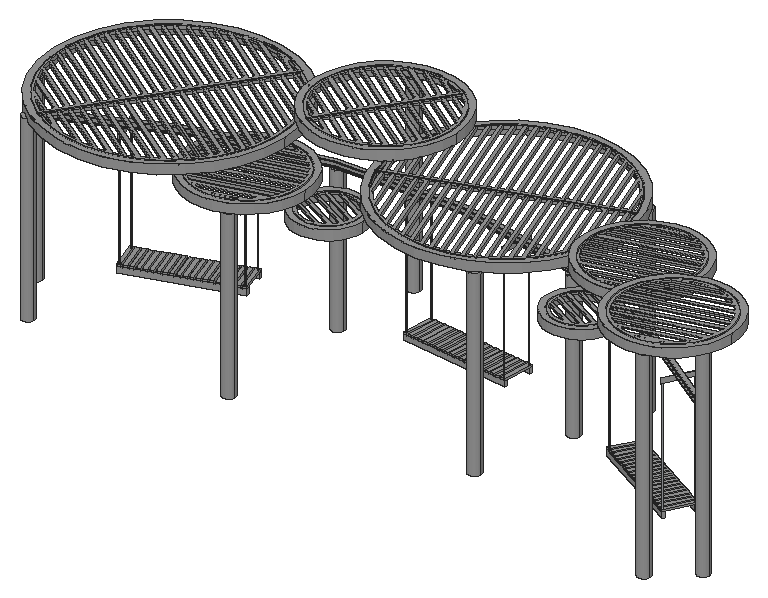
Revit family "39606 Качели «Оазис» Хоббика", category Антураж, Revit 2018
Family settings
  На основе рабочей плоскости = Нет
  Всегда вертикально = Да
  При загрузке вырезать с полостями = Нет
  Источник визуального образа = Геометрия семейства
  Общий = Нет
  Точка расчета площади = Нет
Parameters (values of type "Качели «Оазис»")
  Ширина = 4400 mm  # constant formula
  Цвет отделки = Дерево
  Цвет каркаса = Сталь
  Описание = "Качели «Оазис»"  # constant formula
  Материал изделия = "Сталь, деерво"  # constant formula
  Изображение типоразмера = Качели «Оазис» Арт 39606.jpg
  Изготовитель = "ООО «Хоббика»"  # constant formula
  Длина = 11800 mm  # constant formula
  Группа модели = "Парковые качели"  # constant formula
  Высота = 3400 mm  # constant formula
  Артикул товара = "Арт. 39606"  # constant formula
  URL = "https://hobbyka.ru/product/kacheli_oazis/"
Reference planes
  plane 1 "По центру (Вперед/Назад)": y = 0
  plane 2: z = 0
  plane 3 "По центру (Влево/Вправо)": x = 0
  plane 4: x = 11800
  plane 5: y = 4400
  plane 6: z = 3400
Forms (mm)
  Extrusion 1, solid, material "Сталь" <- "Цвет каркаса"
    sketch origin (0, 0, 0) x (1, 0, 0) y (0, 1, 0)
      loop
        circle (116.712, 1361.341) r 100
      loop
        circle (683.137, 489.123) r 100
    from 0 to 2956.243
  Extrusion 2, solid, material "Сталь" <- "Цвет каркаса"
    sketch origin (0, 0, 0) x (1, 0, 0) y (0, 1, 0)
      loop
        circle (1880, 1880) r 1880
      loop
        circle (1880, 1880) r 1780
    from 2956.243 to 3105.798
  Extrusion 3, solid, material "Сталь" <- "Цвет каркаса"
    sketch origin (0, 0, 0) x (1, 0, 0) y (0, 1, 0)
      loop
        circle (6839.419, 2540) r 1860
      loop
        circle (6839.419, 2540) r 1760
    from 2956.243 to 3105.798
  Extrusion 4, solid, material "Сталь" <- "Цвет каркаса"
    sketch origin (7015.464, 1619.648, 0) x (1, 0, 0) y (0, 1, 0)
      loop
        circle (1321.873, 1921.552) r 100
      loop
        circle (616.625, -712.744) r 100
    from 0 to 2956.243
  Extrusion 5, solid, material "Сталь" <- "Цвет каркаса"
    sketch origin (2648.261, 2155.873, 0) x (1, 0, 0) y (0, 1, 0)
      loop
        circle (1287.937, -1638.505) r 100
    from 0 to 2693.989
  Extrusion 6, solid, material "Сталь" <- "Цвет каркаса"
    sketch origin (10492.462, -553.021, 0) x (1, 0, 0) y (0, 1, 0)
      loop
        circle (1048.829, 1234.234) r 100
      loop
        circle (487.749, 726.367) r 100
    from 0 to 3259.417
  Sweep 7, solid, material "Сталь" <- "Цвет каркаса"
    path origin (0, 0, 0) x (1, 0, 0) y (0, 1, 0)
      loop
        arc (11541.29, 681.212) -> (5935.135, 2804.07) -> (116.712, 1361.341) r 10060.613
    profile origin (5935.135, 2804.07, 0) x (-0.059427, -0.998233, 0) y (0, 0, 1)
      loop
        line (35, 2360) -> (35, 2370) -> (5, 2370) -> (5, 2450) -> (35, 2450) -> (35, 2460) -> (-35, 2460) -> (-35, 2450) -> (-5, 2450) -> (-5, 2370) -> (-35, 2370) -> (-35, 2360) -> (35, 2360)
  Extrusion 8, solid, material "Сталь" <- "Цвет каркаса"
    sketch origin (0, 0, 0) x (1, 0, 0) y (0, 1, 0)
      loop
        circle (4414.191, 3108.015) r 1060
      loop
        circle (4414.191, 3108.015) r 1160
    from 3105.798 to 3259.417
  Extrusion 9, solid, material "Сталь" <- "Цвет каркаса"
    sketch origin (0, 0, 0) x (1, 0, 0) y (0, 1, 0)
      loop
        circle (4887.491, 1361.133) r 560
      loop
        circle (4887.491, 1361.133) r 460
    from 2537.41 to 2693.989
  Extrusion 10, solid, material "Сталь" <- "Цвет каркаса"
    sketch origin (0, 0, 0) x (1, 0, 0) y (0, 1, 0)
      loop
        circle (3583.524, 1325.489) r 950
      loop
        circle (3583.524, 1325.489) r 850
    from 2693.989 to 2841.87
  Extrusion 11, solid, material "Сталь" <- "Цвет каркаса"
    sketch origin (2648.261, 2155.873, 0) x (1, 0, 0) y (0, 1, 0)
      loop
        circle (1287.937, 581.495) r 100
    from 0 to 2360
  Extrusion 12, solid, material "Сталь" <- "Цвет каркаса"
    sketch origin (2648.261, 2155.873, 0) x (1, 0, 0) y (0, 1, 0)
      loop
        circle (1399.651, 1991.143) r 100
    from 0 to 3105.798
  Extrusion 13, solid, material "Сталь" <- "Цвет каркаса"
    sketch origin (6709.294, 1885.194, 0) x (1, 0, 0) y (0, 1, 0)
      loop
        circle (1287.937, 581.495) r 100
    from 0 to 2360
  Extrusion 14, solid, material "Сталь" <- "Цвет каркаса"
    sketch origin (0, 0, 0) x (1, 0, 0) y (0, 1, 0)
      loop
        circle (9415.016, 2094.513) r 940
      loop
        circle (9415.016, 2094.513) r 840
    from 3105.798 to 3259.417
  Extrusion 15, solid, material "Сталь" <- "Цвет каркаса"
    sketch origin (0, 0, 0) x (1, 0, 0) y (0, 1, 0)
      loop
        circle (10764.709, 1034.303) r 960
      loop
        circle (10764.709, 1034.303) r 860
    from 3259.417 to 3400
  Extrusion 16, solid, material "Сталь" <- "Цвет каркаса"
    sketch origin (0, 0, 0) x (1, 0, 0) y (0, 1, 0)
      loop
        circle (9476.216, 775.2) r 560
      loop
        circle (9476.216, 775.2) r 460
    from 2956.243 to 3105.798
  Extrusion 17, solid, material "Сталь" <- "Цвет каркаса"
    sketch origin (0, 0, 0) x (1, 0, 0) y (0, 1, 0)
      loop
        line (901.483, 393.089) -> (2858.517, 3366.911)
        arc (2858.517, 3366.911) -> (393.089, 2858.517) -> (901.483, 393.089) r 1780
      loop
        line (887.6, 462.946) -> (917.438, 508.286) -> (597.708, 718.696)
        arc (597.708, 718.696) -> (735.488, 582.698) -> (887.6, 462.946) r 1730
      loop
        arc (2788.866, 3352.027) -> (2618.707, 3444.357) -> (2439.298, 3517.097) r 1730
        line (2439.298, 3517.097) -> (2759.028, 3306.687) -> (2788.866, 3352.027)
      loop
        line (448.75, 2851.815) -> (1851.976, 1928.37) -> (1906.949, 2011.904) -> (507.349, 2932.962)
        arc (507.349, 2932.962) -> (477.463, 2892.812) -> (448.75, 2851.815) r 1730
      loop
        arc (421.264, 2810.047) -> (394.969, 2767.458) -> (369.917, 2724.127) r 1730
        line (369.917, 2724.127) -> (1769.517, 1803.069) -> (1824.49, 1886.603) -> (421.264, 2810.047)
      loop
        line (538.471, 2972.337) -> (1934.435, 2053.672) -> (1989.408, 2137.206) -> (604.406, 3048.657)
        arc (604.406, 3048.657) -> (570.882, 3010.978) -> (538.471, 2972.337) r 1730
      loop
        arc (346.066, 2679.967) -> (323.399, 2634.914) -> (302.055, 2589.219) r 1730
        line (302.055, 2589.219) -> (1687.057, 1677.767) -> (1742.03, 1761.301) -> (346.066, 2679.967)
      loop
        line (639.248, 3085.584) -> (2016.895, 2178.973) -> (2071.867, 2262.507) -> (712.777, 3156.907)
        arc (712.777, 3156.907) -> (675.484, 3121.79) -> (639.248, 3085.584) r 1730
      loop
        arc (281.924, 2542.611) -> (263.007, 2495.008) -> (245.508, 2446.865) r 1730
        line (245.508, 2446.865) -> (1604.598, 1552.465) -> (1659.571, 1636) -> (281.924, 2542.611)
      loop
        line (751.517, 3191.269) -> (2099.354, 2304.275) -> (2154.327, 2387.809) -> (833.108, 3257.286)
        arc (833.108, 3257.286) -> (791.811, 3224.896) -> (751.517, 3191.269) r 1730
      loop
        line (876.04, 3288.888) -> (2181.813, 2429.576) -> (2236.786, 2513.11) -> (966.432, 3349.113)
        arc (966.432, 3349.113) -> (920.764, 3319.71) -> (876.04, 3288.888) r 1730
      loop
        line (1014.016, 3377.655) -> (2264.272, 2554.878) -> (2319.245, 2638.412) -> (1114.341, 3431.343)
        arc (1114.341, 3431.343) -> (1063.737, 3405.324) -> (1014.016, 3377.655) r 1730
      loop
        line (1167.275, 3456.364) -> (2346.732, 2680.179) -> (2401.705, 2763.713) -> (1279.291, 3502.359)
        arc (1279.291, 3502.359) -> (1222.881, 3480.342) -> (1167.275, 3456.364) r 1730
      loop
        line (1338.683, 3523.13) -> (2429.191, 2805.481) -> (2484.164, 2889.015) -> (1465.25, 3559.548)
        arc (1465.25, 3559.548) -> (1401.62, 3542.544) -> (1338.683, 3523.13) r 1730
      loop
        line (1532.973, 3574.837) -> (2511.65, 2930.782) -> (2566.623, 3014.316) -> (1679.214, 3598.309)
        arc (1679.214, 3598.309) -> (1605.842, 3588.139) -> (1532.973, 3574.837) r 1730
      loop
        line (1758.856, 3605.753) -> (2594.11, 3056.084) -> (2649.082, 3139.618) -> (1935.672, 3609.104)
        arc (1935.672, 3609.104) -> (1847.221, 3609.689) -> (1758.856, 3605.753) r 1730
      loop
        line (2035.97, 3602.955) -> (2676.569, 3181.385) -> (2731.542, 3264.919) -> (2277.509, 3563.712)
        arc (2277.509, 3563.712) -> (2157.434, 3587.609) -> (2035.97, 3602.955) r 1730
      loop
        arc (229.275, 2397.692) -> (214.331, 2347.382) -> (200.92, 2296.641) r 1730
        line (200.92, 2296.641) -> (1522.139, 1427.164) -> (1577.112, 1510.698) -> (229.275, 2397.692)
      loop
        arc (188.88, 2244.709) -> (178.264, 2191.441) -> (169.326, 2137.866) r 1730
        line (169.326, 2137.866) -> (1439.68, 1301.862) -> (1494.653, 1385.397) -> (188.88, 2244.709)
      loop
        arc (161.936, 2082.873) -> (156.194, 2026.262) -> (152.316, 1969.493) r 1730
        line (152.316, 1969.493) -> (1357.22, 1176.561) -> (1412.193, 1260.095) -> (161.936, 2082.873)
      loop
        arc (150.277, 1910.979) -> (150.253, 1850.424) -> (152.348, 1789.905) r 1730
        line (152.348, 1789.905) -> (1274.761, 1051.259) -> (1329.734, 1134.794) -> (150.277, 1910.979)
      loop
        arc (156.766, 1727.142) -> (163.834, 1661.658) -> (173.388, 1596.491) r 1730
        line (173.388, 1596.491) -> (1192.302, 925.958) -> (1247.275, 1009.492) -> (156.766, 1727.142)
      loop
        arc (186.138, 1528.246) -> (202.748, 1456.059) -> (222.433, 1384.649) r 1730
        line (222.433, 1384.649) -> (1109.843, 800.656) -> (1164.815, 884.191) -> (186.138, 1528.246)
      loop
        arc (247.102, 1308.559) -> (278.444, 1225.845) -> (313.973, 1144.841) r 1730
        line (313.973, 1144.841) -> (1027.383, 675.355) -> (1082.356, 758.889) -> (247.102, 1308.559)
      loop
        arc (359.298, 1055.158) -> (421.442, 949.672) -> (490.892, 848.846) r 1730
        line (490.892, 848.846) -> (944.924, 550.053) -> (999.897, 633.588) -> (359.298, 1055.158)
    from 3064.566 to 3105.798
  Extrusion 18, solid, material "Сталь" <- "Цвет каркаса"
    sketch origin (897.085, -590.36, 0) x (-0.395597, 0.918424, 0) y (-0.918424, -0.395597, 0)
      loop
        arc (901.483, -393.089) -> (393.089, -2858.517) -> (2858.517, -3366.911) r 1780
        line (2858.517, -3366.911) -> (901.483, -393.089)
      loop
        arc (887.6, -462.946) -> (735.488, -582.698) -> (597.708, -718.696) r 1730
        line (597.708, -718.696) -> (917.438, -508.286) -> (887.6, -462.946)
      loop
        line (2788.866, -3352.027) -> (2759.028, -3306.687) -> (2439.298, -3517.097)
        arc (2439.298, -3517.097) -> (2618.707, -3444.357) -> (2788.866, -3352.027) r 1730
      loop
        arc (448.75, -2851.815) -> (477.463, -2892.812) -> (507.349, -2932.962) r 1730
        line (507.349, -2932.962) -> (1906.949, -2011.904) -> (1851.976, -1928.37) -> (448.75, -2851.815)
      loop
        line (421.264, -2810.047) -> (1824.49, -1886.603) -> (1769.517, -1803.069) -> (369.917, -2724.127)
        arc (369.917, -2724.127) -> (394.969, -2767.458) -> (421.264, -2810.047) r 1730
      loop
        arc (538.471, -2972.337) -> (570.882, -3010.978) -> (604.406, -3048.657) r 1730
        line (604.406, -3048.657) -> (1989.408, -2137.206) -> (1934.435, -2053.672) -> (538.471, -2972.337)
      loop
        line (346.066, -2679.967) -> (1742.03, -1761.301) -> (1687.057, -1677.767) -> (302.055, -2589.219)
        arc (302.055, -2589.219) -> (323.399, -2634.914) -> (346.066, -2679.967) r 1730
      loop
        arc (639.248, -3085.584) -> (675.484, -3121.79) -> (712.777, -3156.907) r 1730
        line (712.777, -3156.907) -> (2071.867, -2262.507) -> (2016.895, -2178.973) -> (639.248, -3085.584)
      loop
        line (281.924, -2542.611) -> (1659.571, -1636) -> (1604.598, -1552.465) -> (245.508, -2446.865)
        arc (245.508, -2446.865) -> (263.007, -2495.008) -> (281.924, -2542.611) r 1730
      loop
        arc (751.517, -3191.269) -> (791.811, -3224.896) -> (833.108, -3257.286) r 1730
        line (833.108, -3257.286) -> (2154.327, -2387.809) -> (2099.354, -2304.275) -> (751.517, -3191.269)
      loop
        arc (876.04, -3288.888) -> (920.764, -3319.71) -> (966.432, -3349.113) r 1730
        line (966.432, -3349.113) -> (2236.786, -2513.11) -> (2181.813, -2429.576) -> (876.04, -3288.888)
      loop
        arc (1014.016, -3377.655) -> (1063.737, -3405.324) -> (1114.341, -3431.343) r 1730
        line (1114.341, -3431.343) -> (2319.245, -2638.412) -> (2264.272, -2554.878) -> (1014.016, -3377.655)
      loop
        arc (1167.275, -3456.364) -> (1222.881, -3480.342) -> (1279.291, -3502.359) r 1730
        line (1279.291, -3502.359) -> (2401.705, -2763.713) -> (2346.732, -2680.179) -> (1167.275, -3456.364)
      loop
        arc (1338.683, -3523.13) -> (1401.62, -3542.544) -> (1465.25, -3559.548) r 1730
        line (1465.25, -3559.548) -> (2484.164, -2889.015) -> (2429.191, -2805.481) -> (1338.683, -3523.13)
      loop
        arc (1532.973, -3574.837) -> (1605.842, -3588.139) -> (1679.214, -3598.309) r 1730
        line (1679.214, -3598.309) -> (2566.623, -3014.316) -> (2511.65, -2930.782) -> (1532.973, -3574.837)
      loop
        arc (1758.856, -3605.753) -> (1847.221, -3609.689) -> (1935.672, -3609.104) r 1730
        line (1935.672, -3609.104) -> (2649.082, -3139.618) -> (2594.11, -3056.084) -> (1758.856, -3605.753)
      loop
        arc (2035.97, -3602.955) -> (2157.434, -3587.609) -> (2277.509, -3563.712) r 1730
        line (2277.509, -3563.712) -> (2731.542, -3264.919) -> (2676.569, -3181.385) -> (2035.97, -3602.955)
      loop
        line (229.275, -2397.692) -> (1577.112, -1510.698) -> (1522.139, -1427.164) -> (200.92, -2296.641)
        arc (200.92, -2296.641) -> (214.331, -2347.382) -> (229.275, -2397.692) r 1730
      loop
        line (188.88, -2244.709) -> (1494.653, -1385.397) -> (1439.68, -1301.862) -> (169.326, -2137.866)
        arc (169.326, -2137.866) -> (178.264, -2191.441) -> (188.88, -2244.709) r 1730
      loop
        line (161.936, -2082.873) -> (1412.193, -1260.095) -> (1357.22, -1176.561) -> (152.316, -1969.493)
        arc (152.316, -1969.493) -> (156.194, -2026.262) -> (161.936, -2082.873) r 1730
      loop
        line (150.277, -1910.979) -> (1329.734, -1134.794) -> (1274.761, -1051.259) -> (152.348, -1789.905)
        arc (152.348, -1789.905) -> (150.253, -1850.424) -> (150.277, -1910.979) r 1730
      loop
        line (156.766, -1727.142) -> (1247.275, -1009.492) -> (1192.302, -925.958) -> (173.388, -1596.491)
        arc (173.388, -1596.491) -> (163.834, -1661.658) -> (156.766, -1727.142) r 1730
      loop
        line (186.138, -1528.246) -> (1164.815, -884.191) -> (1109.843, -800.656) -> (222.433, -1384.649)
        arc (222.433, -1384.649) -> (202.748, -1456.059) -> (186.138, -1528.246) r 1730
      loop
        line (247.102, -1308.559) -> (1082.356, -758.889) -> (1027.383, -675.355) -> (313.973, -1144.841)
        arc (313.973, -1144.841) -> (278.444, -1225.845) -> (247.102, -1308.559) r 1730
      loop
        line (359.298, -1055.158) -> (999.897, -633.588) -> (944.924, -550.053) -> (490.892, -848.846)
        arc (490.892, -848.846) -> (421.442, -949.672) -> (359.298, -1055.158) r 1730
    from 3064.566 to 3105.798
  Extrusion 19, solid, material "Сталь" <- "Цвет каркаса"
    sketch origin (4211.189, 2138.497, 0) x (0.80578, -0.592215, 0) y (0.592215, 0.80578, 0)
      loop
        arc (2847.522, 3350.204) -> (409.796, 2847.522) -> (912.478, 409.796) r 1760
        line (912.478, 409.796) -> (2847.522, 3350.204)
      loop
        line (887.6, 462.946) -> (917.438, 508.286) -> (597.708, 718.696)
        arc (597.708, 718.696) -> (735.488, 582.698) -> (887.6, 462.946) r 1730
      loop
        arc (2788.866, 3352.027) -> (2618.707, 3444.357) -> (2439.298, 3517.097) r 1730
        line (2439.298, 3517.097) -> (2759.028, 3306.687) -> (2788.866, 3352.027)
      loop
        line (465.459, 2840.819) -> (1851.976, 1928.37) -> (1906.949, 2011.904) -> (524.1, 2921.939)
        arc (524.1, 2921.939) -> (494.186, 2881.808) -> (465.459, 2840.819) r 1710
      loop
        arc (437.972, 2799.052) -> (411.691, 2756.453) -> (386.668, 2713.103) r 1710
        line (386.668, 2713.103) -> (1769.517, 1803.069) -> (1824.49, 1886.603) -> (437.972, 2799.052)
      loop
        line (555.265, 2961.285) -> (1934.435, 2053.672) -> (1989.408, 2137.206) -> (621.331, 3037.52)
        arc (621.331, 3037.52) -> (587.736, 2999.89) -> (555.265, 2961.285) r 1710
      loop
        arc (362.86, 2668.915) -> (340.25, 2623.822) -> (318.98, 2578.081) r 1710
        line (318.98, 2578.081) -> (1687.057, 1677.767) -> (1742.03, 1761.301) -> (362.86, 2668.915)
      loop
        line (656.261, 3074.388) -> (2016.895, 2178.973) -> (2071.867, 2262.507) -> (730.019, 3145.56)
        arc (730.019, 3145.56) -> (692.607, 3110.527) -> (656.261, 3074.388) r 1710
      loop
        arc (298.938, 2531.415) -> (280.125, 2483.738) -> (262.749, 2435.519) r 1710
        line (262.749, 2435.519) -> (1604.598, 1552.465) -> (1659.571, 1636) -> (298.938, 2531.415)
      loop
        line (768.899, 3179.829) -> (2099.354, 2304.275) -> (2154.327, 2387.809) -> (850.834, 3245.62)
        arc (850.834, 3245.62) -> (809.361, 3213.354) -> (768.899, 3179.829) r 1710
      loop
        line (893.973, 3277.087) -> (2181.813, 2429.576) -> (2236.786, 2513.11) -> (984.856, 3336.989)
        arc (984.856, 3336.989) -> (938.938, 3307.761) -> (893.973, 3277.087) r 1710
      loop
        line (1032.73, 3365.339) -> (2264.272, 2554.878) -> (2319.245, 2638.412) -> (1133.747, 3418.573)
        arc (1133.747, 3418.573) -> (1082.794, 3392.8) -> (1032.73, 3365.339) r 1710
      loop
        line (1187.092, 3443.323) -> (2346.732, 2680.179) -> (2401.705, 2763.713) -> (1300.096, 3488.668)
        arc (1300.096, 3488.668) -> (1243.19, 3467.001) -> (1187.092, 3443.323) r 1710
      loop
        line (1360.085, 3509.045) -> (2429.191, 2805.481) -> (2484.164, 2889.015) -> (1488.128, 3544.493)
        arc (1488.128, 3544.493) -> (1423.762, 3528.013) -> (1360.085, 3509.045) r 1710
      loop
        line (1556.774, 3559.174) -> (2511.65, 2930.782) -> (2566.623, 3014.316) -> (1705.417, 3581.065)
        arc (1705.417, 3581.065) -> (1630.855, 3571.753) -> (1556.774, 3559.174) r 1710
      loop
        line (1786.667, 3587.451) -> (2594.11, 3056.084) -> (2649.082, 3139.618) -> (1968.157, 3587.726)
        arc (1968.157, 3587.726) -> (1877.408, 3589.998) -> (1786.667, 3587.451) r 1710
      loop
        line (2072.105, 3579.175) -> (2676.569, 3181.385) -> (2731.542, 3264.919) -> (2328.552, 3530.121)
        arc (2328.552, 3530.121) -> (2201.266, 3559.55) -> (2072.105, 3579.175) r 1710
      loop
        arc (246.657, 2386.253) -> (231.874, 2335.829) -> (218.647, 2284.975) r 1710
        line (218.647, 2284.975) -> (1522.139, 1427.164) -> (1577.112, 1510.698) -> (246.657, 2386.253)
      loop
        arc (206.813, 2232.907) -> (196.428, 2179.476) -> (187.75, 2125.741) r 1710
        line (187.75, 2125.741) -> (1439.68, 1301.862) -> (1494.653, 1385.397) -> (206.813, 2232.907)
      loop
        arc (180.651, 2070.557) -> (175.236, 2013.714) -> (171.722, 1956.722) r 1710
        line (171.722, 1956.722) -> (1357.22, 1176.561) -> (1412.193, 1260.095) -> (180.651, 2070.557)
      loop
        arc (170.094, 1897.938) -> (170.54, 1837.048) -> (173.153, 1776.214) r 1710
        line (173.153, 1776.214) -> (1274.761, 1051.259) -> (1329.734, 1134.794) -> (170.094, 1897.938)
      loop
        arc (178.169, 1713.057) -> (185.939, 1647.071) -> (196.266, 1581.436) r 1710
        line (196.266, 1581.436) -> (1192.302, 925.958) -> (1247.275, 1009.492) -> (178.169, 1713.057)
      loop
        arc (209.939, 1512.583) -> (227.693, 1439.568) -> (248.637, 1367.405) r 1710
        line (248.637, 1367.405) -> (1109.843, 800.656) -> (1164.815, 884.191) -> (209.939, 1512.583)
      loop
        arc (274.913, 1290.257) -> (308.471, 1205.91) -> (346.458, 1123.463) r 1710
        line (346.458, 1123.463) -> (1027.383, 675.355) -> (1082.356, 758.889) -> (274.913, 1290.257)
      loop
        arc (395.433, 1031.378) -> (464.553, 920.516) -> (541.935, 815.255) r 1710
        line (541.935, 815.255) -> (944.924, 550.053) -> (999.897, 633.588) -> (395.433, 1031.378)
    from 3064.566 to 3105.798
  Extrusion 20, solid, material "Сталь" <- "Цвет каркаса"
    sketch origin (4584.423, 1131.529, 0) x (0.22514, 0.974326, 0) y (-0.974326, 0.22514, 0)
      loop
        line (2847.522, -3350.204) -> (912.478, -409.796)
        arc (912.478, -409.796) -> (409.796, -2847.522) -> (2847.522, -3350.204) r 1760
      loop
        arc (887.6, -462.946) -> (735.488, -582.698) -> (597.708, -718.696) r 1730
        line (597.708, -718.696) -> (917.438, -508.286) -> (887.6, -462.946)
      loop
        line (2788.866, -3352.027) -> (2759.028, -3306.687) -> (2439.298, -3517.097)
        arc (2439.298, -3517.097) -> (2618.707, -3444.357) -> (2788.866, -3352.027) r 1730
      loop
        arc (465.459, -2840.819) -> (494.186, -2881.808) -> (524.1, -2921.939) r 1710
        line (524.1, -2921.939) -> (1906.949, -2011.904) -> (1851.976, -1928.37) -> (465.459, -2840.819)
      loop
        line (437.972, -2799.052) -> (1824.49, -1886.603) -> (1769.517, -1803.069) -> (386.668, -2713.103)
        arc (386.668, -2713.103) -> (411.691, -2756.453) -> (437.972, -2799.052) r 1710
      loop
        arc (555.265, -2961.285) -> (587.736, -2999.89) -> (621.331, -3037.52) r 1710
        line (621.331, -3037.52) -> (1989.408, -2137.206) -> (1934.435, -2053.672) -> (555.265, -2961.285)
      loop
        line (362.86, -2668.915) -> (1742.03, -1761.301) -> (1687.057, -1677.767) -> (318.98, -2578.081)
        arc (318.98, -2578.081) -> (340.25, -2623.822) -> (362.86, -2668.915) r 1710
      loop
        arc (656.261, -3074.388) -> (692.607, -3110.527) -> (730.019, -3145.56) r 1710
        line (730.019, -3145.56) -> (2071.867, -2262.507) -> (2016.895, -2178.973) -> (656.261, -3074.388)
      loop
        line (298.938, -2531.415) -> (1659.571, -1636) -> (1604.598, -1552.465) -> (262.749, -2435.519)
        arc (262.749, -2435.519) -> (280.125, -2483.738) -> (298.938, -2531.415) r 1710
      loop
        arc (768.899, -3179.829) -> (809.361, -3213.354) -> (850.834, -3245.62) r 1710
        line (850.834, -3245.62) -> (2154.327, -2387.809) -> (2099.354, -2304.275) -> (768.899, -3179.829)
      loop
        arc (893.973, -3277.087) -> (938.938, -3307.761) -> (984.856, -3336.989) r 1710
        line (984.856, -3336.989) -> (2236.786, -2513.11) -> (2181.813, -2429.576) -> (893.973, -3277.087)
      loop
        arc (1032.73, -3365.339) -> (1082.794, -3392.8) -> (1133.747, -3418.573) r 1710
        line (1133.747, -3418.573) -> (2319.245, -2638.412) -> (2264.272, -2554.878) -> (1032.73, -3365.339)
      loop
        arc (1187.092, -3443.323) -> (1243.19, -3467.001) -> (1300.096, -3488.668) r 1710
        line (1300.096, -3488.668) -> (2401.705, -2763.713) -> (2346.732, -2680.179) -> (1187.092, -3443.323)
      loop
        arc (1360.085, -3509.045) -> (1423.762, -3528.013) -> (1488.128, -3544.493) r 1710
        line (1488.128, -3544.493) -> (2484.164, -2889.015) -> (2429.191, -2805.481) -> (1360.085, -3509.045)
      loop
        arc (1556.774, -3559.174) -> (1630.855, -3571.753) -> (1705.417, -3581.065) r 1710
        line (1705.417, -3581.065) -> (2566.623, -3014.316) -> (2511.65, -2930.782) -> (1556.774, -3559.174)
      loop
        arc (1786.667, -3587.451) -> (1877.408, -3589.998) -> (1968.157, -3587.726) r 1710
        line (1968.157, -3587.726) -> (2649.082, -3139.618) -> (2594.11, -3056.084) -> (1786.667, -3587.451)
      loop
        arc (2072.105, -3579.175) -> (2201.266, -3559.55) -> (2328.552, -3530.121) r 1710
        line (2328.552, -3530.121) -> (2731.542, -3264.919) -> (2676.569, -3181.385) -> (2072.105, -3579.175)
      loop
        line (246.657, -2386.253) -> (1577.112, -1510.698) -> (1522.139, -1427.164) -> (218.647, -2284.975)
        arc (218.647, -2284.975) -> (231.874, -2335.829) -> (246.657, -2386.253) r 1710
      loop
        line (206.813, -2232.907) -> (1494.653, -1385.397) -> (1439.68, -1301.862) -> (187.75, -2125.741)
        arc (187.75, -2125.741) -> (196.428, -2179.476) -> (206.813, -2232.907) r 1710
      loop
        line (180.651, -2070.557) -> (1412.193, -1260.095) -> (1357.22, -1176.561) -> (171.722, -1956.722)
        arc (171.722, -1956.722) -> (175.236, -2013.714) -> (180.651, -2070.557) r 1710
      loop
        line (170.094, -1897.938) -> (1329.734, -1134.794) -> (1274.761, -1051.259) -> (173.153, -1776.214)
        arc (173.153, -1776.214) -> (170.54, -1837.048) -> (170.094, -1897.938) r 1710
      loop
        line (178.169, -1713.057) -> (1247.275, -1009.492) -> (1192.302, -925.958) -> (196.266, -1581.436)
        arc (196.266, -1581.436) -> (185.939, -1647.071) -> (178.169, -1713.057) r 1710
      loop
        line (209.939, -1512.583) -> (1164.815, -884.191) -> (1109.843, -800.656) -> (248.637, -1367.405)
        arc (248.637, -1367.405) -> (227.693, -1439.568) -> (209.939, -1512.583) r 1710
      loop
        line (274.913, -1290.257) -> (1082.356, -758.889) -> (1027.383, -675.355) -> (346.458, -1123.463)
        arc (346.458, -1123.463) -> (308.471, -1205.91) -> (274.913, -1290.257) r 1710
      loop
        line (395.433, -1031.378) -> (999.897, -633.588) -> (944.924, -550.053) -> (541.935, -815.255)
        arc (541.935, -815.255) -> (464.553, -920.516) -> (395.433, -1031.378) r 1710
    from 3064.566 to 3105.798
  Extrusion 21, solid, material "Сталь" <- "Цвет каркаса"
    sketch origin (2534.191, 1228.015, 0) x (1, 0, 0) y (0, 1, 0)
      loop
        arc (2462.712, 2765.464) -> (994.536, 2462.712) -> (1297.288, 994.536) r 1060
        line (1297.288, 994.536) -> (2462.712, 2765.464)
      loop
        line (1050.305, 2455.939) -> (1851.976, 1928.37) -> (1906.949, 2011.904) -> (1111.506, 2535.375)
        arc (1111.506, 2535.375) -> (1079.919, 2496.417) -> (1050.305, 2455.939) r 1010
      loop
        arc (1022.818, 2414.172) -> (997.358, 2370.961) -> (974.074, 2326.539) r 1010
        line (974.074, 2326.539) -> (1769.517, 1803.069) -> (1824.49, 1886.603) -> (1022.818, 2414.172)
      loop
        line (1145.267, 2573.013) -> (1934.435, 2053.672) -> (1989.408, 2137.206) -> (1219.354, 2643.968)
        arc (1219.354, 2643.968) -> (1181.409, 2609.432) -> (1145.267, 2573.013) r 1010
      loop
        arc (952.862, 2280.643) -> (933.712, 2233.042) -> (917.004, 2184.529) r 1010
        line (917.004, 2184.529) -> (1687.057, 1677.767) -> (1742.03, 1761.301) -> (952.862, 2280.643)
      loop
        line (1259.838, 2677.182) -> (2016.895, 2178.973) -> (2071.867, 2262.507) -> (1348.269, 2738.698)
        arc (1348.269, 2738.698) -> (1303.233, 2709.12) -> (1259.838, 2677.182) r 1010
      loop
        arc (902.515, 2134.209) -> (890.349, 2081.719) -> (881, 2028.656) r 1010
        line (881, 2028.656) -> (1604.598, 1552.465) -> (1659.571, 1636) -> (902.515, 2134.209)
      loop
        line (1396.552, 2766.779) -> (2099.354, 2304.275) -> (2154.327, 2387.809) -> (1502.47, 2816.787)
        arc (1502.47, 2816.787) -> (1448.785, 2793.32) -> (1396.552, 2766.779) r 1010
      loop
        line (1560.823, 2838.241) -> (2181.813, 2429.576) -> (2236.786, 2513.11) -> (1691.149, 2872.187)
        arc (1691.149, 2872.187) -> (1625.42, 2857.389) -> (1560.823, 2838.241) r 1010
      loop
        line (1765.014, 2883.433) -> (2264.272, 2554.878) -> (2319.245, 2638.412) -> (1939.619, 2888.239)
        arc (1939.619, 2888.239) -> (1852.212, 2889.618) -> (1765.014, 2883.433) r 1010
      loop
        line (2049.721, 2875.638) -> (2346.732, 2680.179) -> (2392.778, 2750.149)
        arc (2392.778, 2750.149) -> (2226.97, 2828.531) -> (2049.721, 2875.638) r 1010
      loop
        arc (874.31, 1973.203) -> (870.597, 1914.731) -> (870.282, 1856.143) r 1010
        line (870.282, 1856.143) -> (1522.139, 1427.164) -> (1577.112, 1510.698) -> (874.31, 1973.203)
      loop
        arc (873.663, 1794.062) -> (881.631, 1727.161) -> (894.042, 1660.939) r 1010
        line (894.042, 1660.939) -> (1439.68, 1301.862) -> (1494.653, 1385.397) -> (873.663, 1794.062)
      loop
        arc (912.934, 1588.651) -> (941.75, 1506.119) -> (977.594, 1426.388) r 1010
        line (977.594, 1426.388) -> (1357.22, 1176.561) -> (1412.193, 1260.095) -> (912.934, 1588.651)
      loop
        arc (1032.723, 1330.253) -> (1146.106, 1186.098) -> (1283.688, 1064.824) r 1010
        line (1283.688, 1064.824) -> (1329.734, 1134.794) -> (1032.723, 1330.253)
    from 3225.151 to 3259.417
  Extrusion 22, solid, material "Сталь" <- "Цвет каркаса"
    sketch origin (3431.277, 637.655, 0) x (-0.395597, 0.918424, 0) y (-0.918424, -0.395597, 0)
      loop
        line (2462.712, -2765.464) -> (1297.288, -994.536)
        arc (1297.288, -994.536) -> (994.536, -2462.712) -> (2462.712, -2765.464) r 1060
      loop
        arc (1050.305, -2455.939) -> (1079.919, -2496.417) -> (1111.506, -2535.375) r 1010
        line (1111.506, -2535.375) -> (1906.949, -2011.904) -> (1851.976, -1928.37) -> (1050.305, -2455.939)
      loop
        line (1022.818, -2414.172) -> (1824.49, -1886.603) -> (1769.517, -1803.069) -> (974.074, -2326.539)
        arc (974.074, -2326.539) -> (997.358, -2370.961) -> (1022.818, -2414.172) r 1010
      loop
        arc (1145.267, -2573.013) -> (1181.409, -2609.432) -> (1219.354, -2643.968) r 1010
        line (1219.354, -2643.968) -> (1989.408, -2137.206) -> (1934.435, -2053.672) -> (1145.267, -2573.013)
      loop
        line (952.862, -2280.643) -> (1742.03, -1761.301) -> (1687.057, -1677.767) -> (917.004, -2184.529)
        arc (917.004, -2184.529) -> (933.712, -2233.042) -> (952.862, -2280.643) r 1010
      loop
        arc (1259.838, -2677.182) -> (1303.233, -2709.12) -> (1348.269, -2738.698) r 1010
        line (1348.269, -2738.698) -> (2071.867, -2262.507) -> (2016.895, -2178.973) -> (1259.838, -2677.182)
      loop
        line (902.515, -2134.209) -> (1659.571, -1636) -> (1604.598, -1552.465) -> (881, -2028.656)
        arc (881, -2028.656) -> (890.349, -2081.719) -> (902.515, -2134.209) r 1010
      loop
        arc (1396.552, -2766.779) -> (1448.785, -2793.32) -> (1502.47, -2816.787) r 1010
        line (1502.47, -2816.787) -> (2154.327, -2387.809) -> (2099.354, -2304.275) -> (1396.552, -2766.779)
      loop
        arc (1560.823, -2838.241) -> (1625.42, -2857.389) -> (1691.149, -2872.187) r 1010
        line (1691.149, -2872.187) -> (2236.786, -2513.11) -> (2181.813, -2429.576) -> (1560.823, -2838.241)
      loop
        arc (1765.014, -2883.433) -> (1852.212, -2889.618) -> (1939.619, -2888.239) r 1010
        line (1939.619, -2888.239) -> (2319.245, -2638.412) -> (2264.272, -2554.878) -> (1765.014, -2883.433)
      loop
        arc (2049.721, -2875.638) -> (2226.97, -2828.531) -> (2392.778, -2750.149) r 1010
        line (2392.778, -2750.149) -> (2346.732, -2680.179) -> (2049.721, -2875.638)
      loop
        line (874.31, -1973.203) -> (1577.112, -1510.698) -> (1522.139, -1427.164) -> (870.282, -1856.143)
        arc (870.282, -1856.143) -> (870.597, -1914.731) -> (874.31, -1973.203) r 1010
      loop
        line (873.663, -1794.062) -> (1494.653, -1385.397) -> (1439.68, -1301.862) -> (894.042, -1660.939)
        arc (894.042, -1660.939) -> (881.631, -1727.161) -> (873.663, -1794.062) r 1010
      loop
        line (912.934, -1588.651) -> (1412.193, -1260.095) -> (1357.22, -1176.561) -> (977.594, -1426.388)
        arc (977.594, -1426.388) -> (941.75, -1506.119) -> (912.934, -1588.651) r 1010
      loop
        line (1032.723, -1330.253) -> (1329.734, -1134.794) -> (1283.688, -1064.824)
        arc (1283.688, -1064.824) -> (1146.106, -1186.098) -> (1032.723, -1330.253) r 1010
    from 3225.151 to 3259.417
  Extrusion 23, solid, material "Сталь" <- "Цвет каркаса"
    sketch origin (-667.387, 4679.258, 0) x (1, 0, 0) y (0, 1, 0)
      loop
        circle (4250.911, -3353.77) r 850
      loop
        line (5026.659, -3158.282) -> (3488.89, -3597.336)
        arc (3488.89, -3597.336) -> (3505.684, -3644.694) -> (3525.417, -3690.904) r 800
        line (3525.417, -3690.904) -> (5045.04, -3257.03)
        arc (5045.04, -3257.03) -> (5037.401, -3207.367) -> (5026.659, -3158.282) r 800
      loop
        line (5049.585, -3307.73) -> (3548.327, -3736.361)
        arc (3548.327, -3736.361) -> (3574.741, -3781.315) -> (3604.028, -3824.453) r 800
        line (3604.028, -3824.453) -> (5048.792, -3411.953)
        arc (5048.792, -3411.953) -> (5050.888, -3359.854) -> (5049.585, -3307.73) r 800
      loop
        line (5043.058, -3465.588) -> (3637.217, -3866.975)
        arc (3637.217, -3866.975) -> (3675.095, -3909.14) -> (3715.863, -3948.517) r 800
        line (3715.863, -3948.517) -> (5019.32, -3576.361)
        arc (5019.32, -3576.361) -> (5033.152, -3521.395) -> (5043.058, -3465.588) r 800
      loop
        line (5000.304, -3633.789) -> (3762.334, -3987.247)
        arc (3762.334, -3987.247) -> (3816.632, -4025.635) -> (3873.931, -4059.38) r 800
        line (3873.931, -4059.38) -> (4943.616, -3753.97)
        arc (4943.616, -3753.97) -> (4974.459, -3695.059) -> (5000.304, -3633.789) r 800
      loop
        line (4902.686, -3817.654) -> (3942.314, -4091.854)
        arc (3942.314, -4091.854) -> (4031.991, -4123.233) -> (4124.756, -4143.76) r 800
        line (4124.756, -4143.76) -> (4775.153, -3958.063)
        arc (4775.153, -3958.063) -> (4843.096, -3891.652) -> (4902.686, -3817.654) r 800
      loop
        line (4654.489, -4044.512) -> (4272.875, -4153.468)
        arc (4272.875, -4153.468) -> (4470.546, -4123.03) -> (4654.489, -4044.512) r 800
      loop
        arc (5012.931, -3110.203) -> (4996.138, -3062.846) -> (4976.404, -3016.636) r 800
        line (4976.404, -3016.636) -> (3456.782, -3450.51)
        arc (3456.782, -3450.51) -> (3464.421, -3500.173) -> (3475.163, -3549.258) r 800
        line (3475.163, -3549.258) -> (5012.931, -3110.203)
      loop
        arc (4953.495, -2971.179) -> (4927.08, -2926.225) -> (4897.794, -2883.086) r 800
        line (4897.794, -2883.086) -> (3453.03, -3295.587)
        arc (3453.03, -3295.587) -> (3450.934, -3347.685) -> (3452.237, -3399.809) r 800
        line (3452.237, -3399.809) -> (4953.495, -2971.179)
      loop
        arc (4864.605, -2840.564) -> (4826.727, -2798.4) -> (4785.959, -2759.023) r 800
        line (4785.959, -2759.023) -> (3482.502, -3131.178)
        arc (3482.502, -3131.178) -> (3468.67, -3186.144) -> (3458.764, -3241.952) r 800
        line (3458.764, -3241.952) -> (4864.605, -2840.564)
      loop
        arc (4739.488, -2720.293) -> (4685.189, -2681.905) -> (4627.891, -2648.159) r 800
        line (4627.891, -2648.159) -> (3558.206, -2953.569)
        arc (3558.206, -2953.569) -> (3527.363, -3012.481) -> (3501.518, -3073.751) r 800
        line (3501.518, -3073.751) -> (4739.488, -2720.293)
      loop
        arc (4559.508, -2615.686) -> (4469.83, -2584.306) -> (4377.066, -2563.779) r 800
        line (4377.066, -2563.779) -> (3726.669, -2749.477)
        arc (3726.669, -2749.477) -> (3658.726, -2815.888) -> (3599.135, -2889.885) r 800
        line (3599.135, -2889.885) -> (4559.508, -2615.686)
      loop
        arc (4228.947, -2554.071) -> (4031.276, -2584.51) -> (3847.333, -2663.027) r 800
        line (3847.333, -2663.027) -> (4228.947, -2554.071)
    from 2807.049 to 2841.87
  Extrusion 24, solid, material "Сталь" <- "Цвет каркаса"
    sketch origin (4065.837, 6713.039, 0) x (0.731354, -0.681998, 0) y (0.681998, 0.731354, 0)
      loop
        circle (4250.911, -3353.77) r 460
      loop
        line (4651.287, -3265.456) -> (3864.262, -3490.162)
        arc (3864.262, -3490.162) -> (3884.174, -3537.083) -> (3909.753, -3581.17) r 410
        line (3909.753, -3581.17) -> (4660.705, -3366.763)
        arc (4660.705, -3366.763) -> (4659.151, -3315.816) -> (4651.287, -3265.456) r 410
      loop
        line (4655.485, -3420.251) -> (3942.427, -3623.839)
        arc (3942.427, -3623.839) -> (3985.344, -3666.139) -> (4033.998, -3701.691) r 410
        line (4033.998, -3701.691) -> (4618.822, -3534.715)
        arc (4618.822, -3534.715) -> (4641.371, -3478.834) -> (4655.485, -3420.251) r 410
      loop
        line (4580.483, -3597.66) -> (4099.792, -3734.904)
        arc (4099.792, -3734.904) -> (4363.474, -3748.015) -> (4580.483, -3597.66) r 410
      loop
        arc (4637.559, -3217.377) -> (4617.648, -3170.457) -> (4592.069, -3126.369) r 410
        line (4592.069, -3126.369) -> (3841.117, -3340.777)
        arc (3841.117, -3340.777) -> (3842.671, -3391.723) -> (3850.535, -3442.084) r 410
        line (3850.535, -3442.084) -> (4637.559, -3217.377)
      loop
        arc (4559.395, -3083.7) -> (4516.478, -3041.401) -> (4467.824, -3005.849) r 410
        line (4467.824, -3005.849) -> (3883, -3172.825)
        arc (3883, -3172.825) -> (3860.451, -3228.706) -> (3846.337, -3287.288) r 410
        line (3846.337, -3287.288) -> (4559.395, -3083.7)
      loop
        arc (4402.03, -2972.636) -> (4138.348, -2959.524) -> (3921.339, -3109.88) r 410
        line (3921.339, -3109.88) -> (4402.03, -2972.636)
    from 2672.671 to 2693.989
  Extrusion 25, solid, material "Сталь" <- "Цвет каркаса"
    sketch origin (8654.562, 6127.106, 0) x (0.731354, -0.681998, 0) y (0.681998, 0.731354, 0)
      loop
        circle (4250.911, -3353.77) r 460
      loop
        line (4651.287, -3265.456) -> (3864.262, -3490.162)
        arc (3864.262, -3490.162) -> (3884.174, -3537.083) -> (3909.753, -3581.17) r 410
        line (3909.753, -3581.17) -> (4660.705, -3366.763)
        arc (4660.705, -3366.763) -> (4659.151, -3315.816) -> (4651.287, -3265.456) r 410
      loop
        line (4655.485, -3420.251) -> (3942.427, -3623.839)
        arc (3942.427, -3623.839) -> (3985.344, -3666.139) -> (4033.998, -3701.691) r 410
        line (4033.998, -3701.691) -> (4618.822, -3534.715)
        arc (4618.822, -3534.715) -> (4641.371, -3478.834) -> (4655.485, -3420.251) r 410
      loop
        line (4580.483, -3597.66) -> (4099.792, -3734.904)
        arc (4099.792, -3734.904) -> (4363.474, -3748.015) -> (4580.483, -3597.66) r 410
      loop
        arc (4637.559, -3217.377) -> (4617.648, -3170.457) -> (4592.069, -3126.369) r 410
        line (4592.069, -3126.369) -> (3841.117, -3340.777)
        arc (3841.117, -3340.777) -> (3842.671, -3391.723) -> (3850.535, -3442.084) r 410
        line (3850.535, -3442.084) -> (4637.559, -3217.377)
      loop
        arc (4559.395, -3083.7) -> (4516.478, -3041.401) -> (4467.824, -3005.849) r 410
        line (4467.824, -3005.849) -> (3883, -3172.825)
        arc (3883, -3172.825) -> (3860.451, -3228.706) -> (3846.337, -3287.288) r 410
        line (3846.337, -3287.288) -> (4559.395, -3083.7)
      loop
        arc (4402.03, -2972.636) -> (4138.348, -2959.524) -> (3921.339, -3109.88) r 410
        line (3921.339, -3109.88) -> (4402.03, -2972.636)
    from 3081.611 to 3105.798
  Extrusion 26, solid, material "Сталь" <- "Цвет каркаса"
    sketch origin (-1243.137, 7407.174, 0) x (1, 0, 0) y (0, 1, 0)
      loop
        circle (10658.153, -5312.66) r 840
      loop
        line (11433.901, -5117.172) -> (9896.132, -5556.227)
        arc (9896.132, -5556.227) -> (9912.926, -5603.584) -> (9932.659, -5649.794) r 800
        line (9932.659, -5649.794) -> (11452.282, -5215.92)
        arc (11452.282, -5215.92) -> (11444.643, -5166.257) -> (11433.901, -5117.172) r 800
      loop
        line (11456.827, -5266.621) -> (9955.569, -5695.251)
        arc (9955.569, -5695.251) -> (9981.983, -5740.205) -> (10011.27, -5783.344) r 800
        line (10011.27, -5783.344) -> (11456.034, -5370.843)
        arc (11456.034, -5370.843) -> (11458.13, -5318.745) -> (11456.827, -5266.621) r 800
      loop
        line (11450.3, -5424.478) -> (10044.459, -5825.866)
        arc (10044.459, -5825.866) -> (10082.337, -5868.03) -> (10123.105, -5907.407) r 800
        line (10123.105, -5907.407) -> (11426.562, -5535.252)
        arc (11426.562, -5535.252) -> (11440.394, -5480.286) -> (11450.3, -5424.478) r 800
      loop
        line (11407.545, -5592.679) -> (10169.576, -5946.137)
        arc (10169.576, -5946.137) -> (10223.874, -5984.525) -> (10281.173, -6018.271) r 800
        line (10281.173, -6018.271) -> (11350.857, -5712.861)
        arc (11350.857, -5712.861) -> (11381.701, -5653.949) -> (11407.545, -5592.679) r 800
      loop
        line (11309.928, -5776.545) -> (10349.556, -6050.744)
        arc (10349.556, -6050.744) -> (10439.233, -6082.124) -> (10531.998, -6102.651) r 800
        line (10531.998, -6102.651) -> (11182.395, -5916.953)
        arc (11182.395, -5916.953) -> (11250.338, -5850.542) -> (11309.928, -5776.545) r 800
      loop
        line (11061.73, -6003.403) -> (10680.117, -6112.359)
        arc (10680.117, -6112.359) -> (10877.787, -6081.92) -> (11061.73, -6003.403) r 800
      loop
        arc (11420.173, -5069.094) -> (11403.38, -5021.736) -> (11383.646, -4975.526) r 800
        line (11383.646, -4975.526) -> (9864.024, -5409.4)
        arc (9864.024, -5409.4) -> (9871.663, -5459.063) -> (9882.405, -5508.148) r 800
        line (9882.405, -5508.148) -> (11420.173, -5069.094)
      loop
        arc (11360.737, -4930.069) -> (11334.322, -4885.115) -> (11305.036, -4841.977) r 800
        line (11305.036, -4841.977) -> (9860.271, -5254.477)
        arc (9860.271, -5254.477) -> (9858.176, -5306.576) -> (9859.479, -5358.7) r 800
        line (9859.479, -5358.7) -> (11360.737, -4930.069)
      loop
        arc (11271.847, -4799.455) -> (11233.969, -4757.29) -> (11193.201, -4717.913) r 800
        line (11193.201, -4717.913) -> (9889.743, -5090.069)
        arc (9889.743, -5090.069) -> (9875.911, -5145.035) -> (9866.006, -5200.842) r 800
        line (9866.006, -5200.842) -> (11271.847, -4799.455)
      loop
        arc (11146.729, -4679.183) -> (11092.431, -4640.796) -> (11035.133, -4607.05) r 800
        line (11035.133, -4607.05) -> (9965.448, -4912.46)
        arc (9965.448, -4912.46) -> (9934.605, -4971.371) -> (9908.76, -5032.641) r 800
        line (9908.76, -5032.641) -> (11146.729, -4679.183)
      loop
        arc (10966.749, -4574.576) -> (10877.072, -4543.197) -> (10784.308, -4522.67) r 800
        line (10784.308, -4522.67) -> (10133.91, -4708.367)
        arc (10133.91, -4708.367) -> (10065.968, -4774.778) -> (10006.377, -4848.776) r 800
        line (10006.377, -4848.776) -> (10966.749, -4574.576)
      loop
        arc (10636.188, -4512.962) -> (10438.518, -4543.4) -> (10254.575, -4621.918) r 800
        line (10254.575, -4621.918) -> (10636.188, -4512.962)
    from 3234.347 to 3259.417
  Extrusion 27, solid, material "Сталь" <- "Цвет каркаса"
    sketch origin (106.556, 6346.964, 0) x (1, 0, 0) y (0, 1, 0)
      loop
        circle (10658.153, -5312.66) r 860
      loop
        line (11433.901, -5117.172) -> (9896.132, -5556.227)
        arc (9896.132, -5556.227) -> (9912.926, -5603.584) -> (9932.659, -5649.794) r 800
        line (9932.659, -5649.794) -> (11452.282, -5215.92)
        arc (11452.282, -5215.92) -> (11444.643, -5166.257) -> (11433.901, -5117.172) r 800
      loop
        line (11456.827, -5266.621) -> (9955.569, -5695.251)
        arc (9955.569, -5695.251) -> (9981.983, -5740.205) -> (10011.27, -5783.344) r 800
        line (10011.27, -5783.344) -> (11456.034, -5370.843)
        arc (11456.034, -5370.843) -> (11458.13, -5318.745) -> (11456.827, -5266.621) r 800
      loop
        line (11450.3, -5424.478) -> (10044.459, -5825.866)
        arc (10044.459, -5825.866) -> (10082.337, -5868.03) -> (10123.105, -5907.407) r 800
        line (10123.105, -5907.407) -> (11426.562, -5535.252)
        arc (11426.562, -5535.252) -> (11440.394, -5480.286) -> (11450.3, -5424.478) r 800
      loop
        line (11407.545, -5592.679) -> (10169.576, -5946.137)
        arc (10169.576, -5946.137) -> (10223.874, -5984.525) -> (10281.173, -6018.271) r 800
        line (10281.173, -6018.271) -> (11350.857, -5712.861)
        arc (11350.857, -5712.861) -> (11381.701, -5653.949) -> (11407.545, -5592.679) r 800
      loop
        line (11309.928, -5776.545) -> (10349.556, -6050.744)
        arc (10349.556, -6050.744) -> (10439.233, -6082.124) -> (10531.998, -6102.651) r 800
        line (10531.998, -6102.651) -> (11182.395, -5916.953)
        arc (11182.395, -5916.953) -> (11250.338, -5850.542) -> (11309.928, -5776.545) r 800
      loop
        line (11061.73, -6003.403) -> (10680.117, -6112.359)
        arc (10680.117, -6112.359) -> (10877.787, -6081.92) -> (11061.73, -6003.403) r 800
      loop
        arc (11420.173, -5069.094) -> (11403.38, -5021.736) -> (11383.646, -4975.526) r 800
        line (11383.646, -4975.526) -> (9864.024, -5409.4)
        arc (9864.024, -5409.4) -> (9871.663, -5459.063) -> (9882.405, -5508.148) r 800
        line (9882.405, -5508.148) -> (11420.173, -5069.094)
      loop
        arc (11360.737, -4930.069) -> (11334.322, -4885.115) -> (11305.036, -4841.977) r 800
        line (11305.036, -4841.977) -> (9860.271, -5254.477)
        arc (9860.271, -5254.477) -> (9858.176, -5306.576) -> (9859.479, -5358.7) r 800
        line (9859.479, -5358.7) -> (11360.737, -4930.069)
      loop
        arc (11271.847, -4799.455) -> (11233.969, -4757.29) -> (11193.201, -4717.913) r 800
        line (11193.201, -4717.913) -> (9889.743, -5090.069)
        arc (9889.743, -5090.069) -> (9875.911, -5145.035) -> (9866.006, -5200.842) r 800
        line (9866.006, -5200.842) -> (11271.847, -4799.455)
      loop
        arc (11146.729, -4679.183) -> (11092.431, -4640.796) -> (11035.133, -4607.05) r 800
        line (11035.133, -4607.05) -> (9965.448, -4912.46)
        arc (9965.448, -4912.46) -> (9934.605, -4971.371) -> (9908.76, -5032.641) r 800
        line (9908.76, -5032.641) -> (11146.729, -4679.183)
      loop
        arc (10966.749, -4574.576) -> (10877.072, -4543.197) -> (10784.308, -4522.67) r 800
        line (10784.308, -4522.67) -> (10133.91, -4708.367)
        arc (10133.91, -4708.367) -> (10065.968, -4774.778) -> (10006.377, -4848.776) r 800
        line (10006.377, -4848.776) -> (10966.749, -4574.576)
      loop
        arc (10636.188, -4512.962) -> (10438.518, -4543.4) -> (10254.575, -4621.918) r 800
        line (10254.575, -4621.918) -> (10636.188, -4512.962)
    from 3382.615 to 3400
  Extrusion 28, solid, material "Дерево" <- "Цвет отделки"
    sketch origin (0, 6190, 0) x (1, 0, 0) y (0, 1, 0)
      loop
        line (1029.326, -4064.653) -> (1192.11, -4537.412) -> (1248.841, -4517.878) -> (1086.057, -4045.119) -> (1029.326, -4064.653)
      loop
        line (1114.423, -4035.352) -> (1277.207, -4508.111) -> (1333.938, -4488.577) -> (1171.154, -4015.818) -> (1114.423, -4035.352)
      loop
        line (1199.52, -4006.051) -> (1362.304, -4478.81) -> (1419.035, -4459.276) -> (1256.251, -3986.517) -> (1199.52, -4006.051)
      loop
        line (1284.616, -3976.75) -> (1447.4, -4449.509) -> (1504.131, -4429.975) -> (1341.347, -3957.215) -> (1284.616, -3976.75)
      loop
        line (1369.713, -3947.448) -> (1532.497, -4420.208) -> (1589.228, -4400.674) -> (1426.444, -3927.914) -> (1369.713, -3947.448)
      loop
        line (1454.81, -3918.147) -> (1617.594, -4390.907) -> (1674.325, -4371.373) -> (1511.541, -3898.613) -> (1454.81, -3918.147)
      loop
        line (1539.906, -3888.846) -> (1702.69, -4361.605) -> (1759.421, -4342.071) -> (1596.637, -3869.312) -> (1539.906, -3888.846)
      loop
        line (1625.003, -3859.545) -> (1787.787, -4332.304) -> (1844.518, -4312.77) -> (1681.734, -3840.011) -> (1625.003, -3859.545)
      loop
        line (1710.1, -3830.244) -> (1872.884, -4303.003) -> (1929.615, -4283.469) -> (1766.831, -3810.71) -> (1710.1, -3830.244)
      loop
        line (1795.196, -3800.943) -> (1957.98, -4273.702) -> (2014.711, -4254.168) -> (1851.927, -3781.409) -> (1795.196, -3800.943)
      loop
        line (1880.293, -3771.642) -> (2043.077, -4244.401) -> (2099.808, -4224.867) -> (1937.024, -3752.108) -> (1880.293, -3771.642)
      loop
        line (1965.39, -3742.341) -> (2128.174, -4215.1) -> (2184.905, -4195.566) -> (2022.121, -3722.806) -> (1965.39, -3742.341)
      loop
        line (2050.486, -3713.039) -> (2213.27, -4185.799) -> (2270.002, -4166.265) -> (2107.217, -3693.505) -> (2050.486, -3713.039)
      loop
        line (2135.583, -3683.738) -> (2298.367, -4156.498) -> (2355.098, -4136.963) -> (2192.314, -3664.204) -> (2135.583, -3683.738)
      loop
        line (2220.68, -3654.437) -> (2383.464, -4127.196) -> (2440.195, -4107.662) -> (2277.411, -3634.903) -> (2220.68, -3654.437)
      loop
        line (2305.776, -3625.136) -> (2468.56, -4097.895) -> (2525.292, -4078.361) -> (2362.507, -3605.602) -> (2305.776, -3625.136)
      loop
        line (2390.873, -3595.835) -> (2553.657, -4068.594) -> (2610.388, -4049.06) -> (2447.604, -3576.301) -> (2390.873, -3595.835)
      loop
        line (2475.97, -3566.534) -> (2638.754, -4039.293) -> (2695.485, -4019.759) -> (2532.701, -3547) -> (2475.97, -3566.534)
      loop
        line (2561.066, -3537.233) -> (2723.85, -4009.992) -> (2780.582, -3990.458) -> (2617.797, -3517.698) -> (2561.066, -3537.233)
      loop
        line (2646.163, -3507.931) -> (2808.947, -3980.691) -> (2865.678, -3961.157) -> (2702.894, -3488.397) -> (2646.163, -3507.931)
    from 420 to 450
  Extrusion 29, solid, material "Дерево" <- "Цвет отделки"
    sketch origin (0, 6190, 0) x (1, 0, 0) y (0, 1, 0)
      loop
        line (1029.326, -4064.653) -> (1042.349, -4102.474) -> (2715.917, -3526.218) -> (2702.894, -3488.397) -> (1029.326, -4064.653)
      loop
        line (1179.088, -4499.592) -> (1192.11, -4537.412) -> (2865.678, -3961.157) -> (2852.655, -3923.336) -> (1179.088, -4499.592)
    from 325.034 to 420
  Extrusion 30, solid, material "Сталь" <- "Цвет каркаса"
    sketch origin (0, 6190, 0) x (1, 0, 0) y (0, 1, 0)
      loop
        line (2846.768, -3967.668) -> (2683.984, -3494.909) -> (2665.073, -3501.42) -> (2827.857, -3974.179) -> (2846.768, -3967.668)
      loop
        line (1229.931, -4524.39) -> (1067.147, -4051.63) -> (1048.237, -4058.142) -> (1211.021, -4530.901) -> (1229.931, -4524.39)
    from 2280.493 to 2360
  Extrusion 31, solid
    sketch origin (0, 6190, 0) x (1, 0, 0) y (0, 1, 0)
      loop
        circle (1063.971, -4073.876) r 5
      loop
        circle (2680.808, -3517.155) r 5
      loop
        circle (1213.733, -4508.815) r 5
      loop
        circle (2830.569, -3952.093) r 5
    from 450 to 2280.493
  Extrusion 32, solid, material "Дерево" <- "Цвет отделки"
    sketch origin (5888.73, 7200.549, 0) x (0.914633, -0.404286, 0) y (0.404286, 0.914633, 0)
      loop
        line (1029.326, -4064.653) -> (1192.11, -4537.412) -> (1248.841, -4517.878) -> (1086.057, -4045.119) -> (1029.326, -4064.653)
      loop
        line (1114.423, -4035.352) -> (1277.207, -4508.111) -> (1333.938, -4488.577) -> (1171.154, -4015.818) -> (1114.423, -4035.352)
      loop
        line (1199.52, -4006.051) -> (1362.304, -4478.81) -> (1419.035, -4459.276) -> (1256.251, -3986.517) -> (1199.52, -4006.051)
      loop
        line (1284.616, -3976.75) -> (1447.4, -4449.509) -> (1504.131, -4429.975) -> (1341.347, -3957.215) -> (1284.616, -3976.75)
      loop
        line (1369.713, -3947.448) -> (1532.497, -4420.208) -> (1589.228, -4400.674) -> (1426.444, -3927.914) -> (1369.713, -3947.448)
      loop
        line (1454.81, -3918.147) -> (1617.594, -4390.907) -> (1674.325, -4371.373) -> (1511.541, -3898.613) -> (1454.81, -3918.147)
      loop
        line (1539.906, -3888.846) -> (1702.69, -4361.605) -> (1759.421, -4342.071) -> (1596.637, -3869.312) -> (1539.906, -3888.846)
      loop
        line (1625.003, -3859.545) -> (1787.787, -4332.304) -> (1844.518, -4312.77) -> (1681.734, -3840.011) -> (1625.003, -3859.545)
      loop
        line (1710.1, -3830.244) -> (1872.884, -4303.003) -> (1929.615, -4283.469) -> (1766.831, -3810.71) -> (1710.1, -3830.244)
      loop
        line (1795.196, -3800.943) -> (1957.98, -4273.702) -> (2014.711, -4254.168) -> (1851.927, -3781.409) -> (1795.196, -3800.943)
      loop
        line (1880.293, -3771.642) -> (2043.077, -4244.401) -> (2099.808, -4224.867) -> (1937.024, -3752.108) -> (1880.293, -3771.642)
      loop
        line (1965.39, -3742.341) -> (2128.174, -4215.1) -> (2184.905, -4195.566) -> (2022.121, -3722.806) -> (1965.39, -3742.341)
      loop
        line (2050.486, -3713.039) -> (2213.27, -4185.799) -> (2270.002, -4166.265) -> (2107.217, -3693.505) -> (2050.486, -3713.039)
      loop
        line (2135.583, -3683.738) -> (2298.367, -4156.498) -> (2355.098, -4136.963) -> (2192.314, -3664.204) -> (2135.583, -3683.738)
      loop
        line (2220.68, -3654.437) -> (2383.464, -4127.196) -> (2440.195, -4107.662) -> (2277.411, -3634.903) -> (2220.68, -3654.437)
      loop
        line (2305.776, -3625.136) -> (2468.56, -4097.895) -> (2525.292, -4078.361) -> (2362.507, -3605.602) -> (2305.776, -3625.136)
      loop
        line (2390.873, -3595.835) -> (2553.657, -4068.594) -> (2610.388, -4049.06) -> (2447.604, -3576.301) -> (2390.873, -3595.835)
      loop
        line (2475.97, -3566.534) -> (2638.754, -4039.293) -> (2695.485, -4019.759) -> (2532.701, -3547) -> (2475.97, -3566.534)
      loop
        line (2561.066, -3537.233) -> (2723.85, -4009.992) -> (2780.582, -3990.458) -> (2617.797, -3517.698) -> (2561.066, -3537.233)
      loop
        line (2646.163, -3507.931) -> (2808.947, -3980.691) -> (2865.678, -3961.157) -> (2702.894, -3488.397) -> (2646.163, -3507.931)
    from 420 to 450
  Extrusion 33, solid, material "Дерево" <- "Цвет отделки"
    sketch origin (5888.73, 7200.549, 0) x (0.914633, -0.404286, 0) y (0.404286, 0.914633, 0)
      loop
        line (1029.326, -4064.653) -> (1042.349, -4102.474) -> (2715.917, -3526.218) -> (2702.894, -3488.397) -> (1029.326, -4064.653)
      loop
        line (1179.088, -4499.592) -> (1192.11, -4537.412) -> (2865.678, -3961.157) -> (2852.655, -3923.336) -> (1179.088, -4499.592)
    from 325.034 to 420
  Extrusion 34, solid, material "Сталь" <- "Цвет каркаса"
    sketch origin (5888.73, 7200.549, 0) x (0.914633, -0.404286, 0) y (0.404286, 0.914633, 0)
      loop
        line (2846.768, -3967.668) -> (2683.984, -3494.909) -> (2665.073, -3501.42) -> (2827.857, -3974.179) -> (2846.768, -3967.668)
      loop
        line (1229.931, -4524.39) -> (1067.147, -4051.63) -> (1048.237, -4058.142) -> (1211.021, -4530.901) -> (1229.931, -4524.39)
    from 2280.493 to 2360
  Extrusion 35, solid
    sketch origin (5888.73, 7200.549, 0) x (0.914633, -0.404286, 0) y (0.404286, 0.914633, 0)
      loop
        circle (1063.971, -4073.876) r 5
      loop
        circle (2680.808, -3517.155) r 5
      loop
        circle (1213.733, -4508.815) r 5
      loop
        circle (2830.569, -3952.093) r 5
    from 450 to 2280.493
  Extrusion 36, solid, material "Дерево" <- "Цвет отделки"
    sketch origin (11549.327, 5808.688, 0) x (0.680677, -0.732584, 0) y (0.732584, 0.680677, 0)
      loop
        line (1029.326, -4064.653) -> (1192.11, -4537.412) -> (1248.841, -4517.878) -> (1086.057, -4045.119) -> (1029.326, -4064.653)
      loop
        line (1114.423, -4035.352) -> (1277.207, -4508.111) -> (1333.938, -4488.577) -> (1171.154, -4015.818) -> (1114.423, -4035.352)
      loop
        line (1199.52, -4006.051) -> (1362.304, -4478.81) -> (1419.035, -4459.276) -> (1256.251, -3986.517) -> (1199.52, -4006.051)
      loop
        line (1284.616, -3976.75) -> (1447.4, -4449.509) -> (1504.131, -4429.975) -> (1341.347, -3957.215) -> (1284.616, -3976.75)
      loop
        line (1369.713, -3947.448) -> (1532.497, -4420.208) -> (1589.228, -4400.674) -> (1426.444, -3927.914) -> (1369.713, -3947.448)
      loop
        line (1454.81, -3918.147) -> (1617.594, -4390.907) -> (1674.325, -4371.373) -> (1511.541, -3898.613) -> (1454.81, -3918.147)
      loop
        line (1539.906, -3888.846) -> (1702.69, -4361.605) -> (1759.421, -4342.071) -> (1596.637, -3869.312) -> (1539.906, -3888.846)
      loop
        line (1625.003, -3859.545) -> (1787.787, -4332.304) -> (1844.518, -4312.77) -> (1681.734, -3840.011) -> (1625.003, -3859.545)
      loop
        line (1710.1, -3830.244) -> (1872.884, -4303.003) -> (1929.615, -4283.469) -> (1766.831, -3810.71) -> (1710.1, -3830.244)
      loop
        line (1795.196, -3800.943) -> (1957.98, -4273.702) -> (2014.711, -4254.168) -> (1851.927, -3781.409) -> (1795.196, -3800.943)
      loop
        line (1880.293, -3771.642) -> (2043.077, -4244.401) -> (2099.808, -4224.867) -> (1937.024, -3752.108) -> (1880.293, -3771.642)
      loop
        line (1965.39, -3742.341) -> (2128.174, -4215.1) -> (2184.905, -4195.566) -> (2022.121, -3722.806) -> (1965.39, -3742.341)
      loop
        line (2050.486, -3713.039) -> (2213.27, -4185.799) -> (2270.002, -4166.265) -> (2107.217, -3693.505) -> (2050.486, -3713.039)
      loop
        line (2135.583, -3683.738) -> (2298.367, -4156.498) -> (2355.098, -4136.963) -> (2192.314, -3664.204) -> (2135.583, -3683.738)
      loop
        line (2220.68, -3654.437) -> (2383.464, -4127.196) -> (2440.195, -4107.662) -> (2277.411, -3634.903) -> (2220.68, -3654.437)
      loop
        line (2305.776, -3625.136) -> (2468.56, -4097.895) -> (2525.292, -4078.361) -> (2362.507, -3605.602) -> (2305.776, -3625.136)
      loop
        line (2390.873, -3595.835) -> (2553.657, -4068.594) -> (2610.388, -4049.06) -> (2447.604, -3576.301) -> (2390.873, -3595.835)
      loop
        line (2475.97, -3566.534) -> (2638.754, -4039.293) -> (2695.485, -4019.759) -> (2532.701, -3547) -> (2475.97, -3566.534)
      loop
        line (2561.066, -3537.233) -> (2723.85, -4009.992) -> (2780.582, -3990.458) -> (2617.797, -3517.698) -> (2561.066, -3537.233)
      loop
        line (2646.163, -3507.931) -> (2808.947, -3980.691) -> (2865.678, -3961.157) -> (2702.894, -3488.397) -> (2646.163, -3507.931)
    from 420 to 450
  Extrusion 37, solid, material "Дерево" <- "Цвет отделки"
    sketch origin (11549.327, 5808.688, 0) x (0.680677, -0.732584, 0) y (0.732584, 0.680677, 0)
      loop
        line (1029.326, -4064.653) -> (1042.349, -4102.474) -> (2715.917, -3526.218) -> (2702.894, -3488.397) -> (1029.326, -4064.653)
      loop
        line (1179.088, -4499.592) -> (1192.11, -4537.412) -> (2865.678, -3961.157) -> (2852.655, -3923.336) -> (1179.088, -4499.592)
    from 325.034 to 420
  Extrusion 38, solid, material "Сталь" <- "Цвет каркаса"
    sketch origin (11549.327, 5808.688, 0) x (0.680677, -0.732584, 0) y (0.732584, 0.680677, 0)
      loop
        line (2846.768, -3967.668) -> (2683.984, -3494.909) -> (2665.073, -3501.42) -> (2827.857, -3974.179) -> (2846.768, -3967.668)
      loop
        line (1229.931, -4524.39) -> (1067.147, -4051.63) -> (1048.237, -4058.142) -> (1211.021, -4530.901) -> (1229.931, -4524.39)
